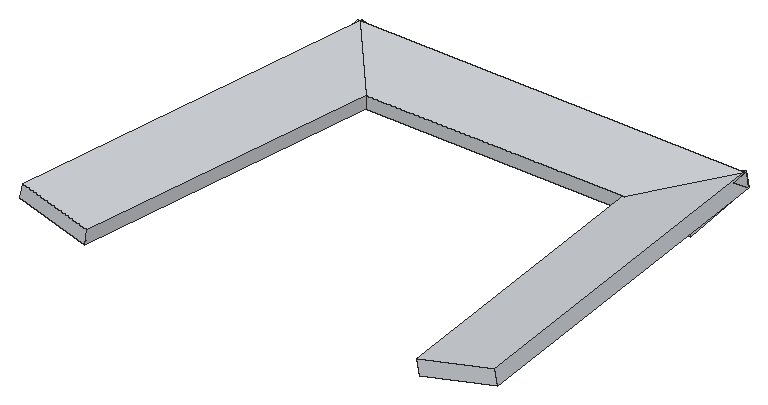
Revit family
Parameters (values of type "CostolaBase2")
  aa_largh [instance] = Spessore Tavola * cos(Angolo Torsione)  # 196.962 mm
  aa_alt [instance] = Spessore Tavola * sin(Angolo Torsione)  # 34.73 mm
  Spessore Tavola [instance] = 200 mm
  Profondità = 830 mm  # constant formula
  MARKER [instance] = 1  # constant formula
  Larghezza = 680 mm  # constant formula
  Distanza_posteriore [instance] = 10 mm
  Distanza_laterale [instance] = 20 mm
  Assembly Code = ""
  Angolo Torsione [instance] = 10.00°
  Angolo [instance] = atan(Ali / Profondità)  # 6.86999°
  Altezza [instance] = 200 mm * MARKER  # 200 mm
  Ali [instance] = 100 mm
Reference planes
  plane 1 "Centro (Fronte/Retro)": y = 0
  plane 2: z = 0
  plane 3 "Centro (Sinistra/Destra)": x = 0
  plane 4: x = 680
  plane 5: y = -830
  plane 6: through (-0.347, 7.119, 1200) normal (0.9928, -0.1196, 0)
  plane 7: x = 340
  plane 8: through (680.347, 7.119, 1200) normal (0.9928, 0.1196, 0)
  plane 9: x = -100
  plane 10: x = 780
  plane 11: through (-13.08, 68.633, 1200) normal (0.9928, -0.1196, 0)
  plane 12: y = 10
  plane 13: through (672.243, 241.583, 1200) normal (0.9928, 0.1196, 0)
  plane 14: y = 206.962
  plane 15: through (834.781, 539.121, 1200) normal (0.9928, 0.1196, 0)
  plane 16: through (-501.193, -2336.098, 1200) normal (-0.9928, 0.1196, 0)
  plane 17: z = 234.73
  plane 18: z = 200
Forms (mm)
  Extrusion 1, void
    sketch origin (0, 0, 0) x (1, 0, 0) y (0, 1, 0)
      loop
        line (-121.349, -830) -> (-316.897, -806.44) -> (-344.005, -1031.442) -> (-148.458, -1055.002) -> (-121.349, -830)
    from 200 to 234.73
  Extrusion 2, void
    sketch origin (0, 0, 0) x (1, 0, 0) y (0, 1, 0)
      loop
        line (801.349, -830) -> (832.8, -1091.036) -> (1028.347, -1067.476) -> (996.897, -806.44) -> (801.349, -830)
    from 200 to 234.73
  Extrusion 3, void
    sketch origin (-121.349, -830, 0) x (0.99282, -0.119617, 0) y (0, 0, -1)
      loop
        line (0, -200) -> (-196.962, -200) -> (-196.962, -234.73) -> (0, -200)
    from 0 to 1020.73
  Extrusion 4, void
    sketch origin (801.349, -830, 0) x (-0.99282, -0.119617, 0) y (0, 0, 1)
      loop
        line (0, 200) -> (-196.962, 234.73) -> (-196.962, 200) -> (0, 200)
    from 0 to 1020.73
  Extrusion 5, solid
    sketch origin (-316.897, -806.44, 234.73) x (0.977737, -0.1178, -0.173648) y (-0.119617, -0.99282, 0)
      loop
        line (0, -1020.73) -> (200, -1020.73) -> (200, 0) -> (0, 0) -> (0, -1020.73)
    from 0 to -40
  Extrusion 6, solid
    sketch origin (996.897, -806.44, 234.73) x (-0.977737, -0.1178, -0.173648) y (-0.119617, 0.99282, 0)
      loop
        line (0, 1020.73) -> (0, 0) -> (200, 0) -> (200, 1020.73) -> (0, 1020.73)
    from 0 to -40
  Extrusion 7, void
    sketch origin (0, 0, 0) x (0, 1, 0) y (0, 0, 1)
      loop
        line (10, 200) -> (206.962, 200) -> (206.962, 234.73) -> (10, 200)
    from -194.8 to 874.8
  Extrusion 8, solid
    sketch origin (0, 206.962, 234.73) x (0, -0.984808, -0.173648) y (-1, 0, 0)
      loop
        line (200, -874.8) -> (200, 194.8) -> (0, 194.8) -> (0, -874.8) -> (200, -874.8)
    from 0 to -40
Lines and regions (mm)
  reference lines
    curve 1: line (-121.349, -830, 0) -> (-439.052, -791.723, 0)
    curve 2: line (801.349, -830, 0) -> (1099.195, -794.115, 0)
    curve 3: line (-194.8, 206.962, 0) -> (83.189, 173.469, 0)
    curve 4: line (874.8, 206.962, 0) -> (596.811, 173.469, 0)
    curve 5: line (-194.8, 206.962, 0) -> (-20.145, 10, 0)
    curve 6: line (700.145, 10, 0) -> (874.8, 206.962, 0)
    curve 7: line (-194.8, 206.962, 0) -> (-194.8, 43.404, 0)
    curve 8: line (874.8, 206.962, 0) -> (874.8, 43.404, 0)
    curve 9: line (-97.426, -631.436, 200) -> (-591.709, -571.884, 200)
    curve 10: line (-92.641, -591.723, 200) -> (-562.104, -535.161, 200)
    curve 11: line (-327.902, -563.379, 200) -> (-344.339, -699.809, 200)
    curve 12: line (-132.354, -586.938, 200) -> (-147.306, -711.041, 200)
    curve 13: line (-23.176, -15.162, 200) -> (-557.172, 49.174, 200)
    curve 14: line (-27.961, -54.875, 200) -> (-547.065, 7.667, 200)
    curve 15: line (-62.889, -10.378, 200) -> (-107.131, -377.589, 200)
    curve 16: line (-258.436, 13.182, 200) -> (-300.885, -339.137, 200)
    curve 17: line (-117.993, -802.146, 200) -> (-313.541, -778.586, 200)
    curve 18: line (-372.444, 10, 200) -> (1052.444, 10, 200)
    curve 19: line (-451.428, 206.962, 200) -> (1131.428, 206.962, 200)
    curve 20: line (340, 10, 200) -> (340, 488.754, 200)
    curve 21: line (320, 10, 200) -> (320, 522.858, 200)
    curve 22: line (360, 10, 200) -> (360, 517.858, 200)
    curve 23: line (305, 246.962, 200) -> (395, 246.962, 200)
    curve 24: line (360, 50, 200) -> (271.554, 50, 200)
    curve 25: line (801.349, -830, 200) -> (989.095, -807.38, 200)
    curve 26: line (777.426, -631.436, 200) -> (1371.534, -559.857, 200)
    curve 27: line (703.176, -15.162, 200) -> (954.398, 15.105, 200)
    curve 28: line (772.641, -591.723, 200) -> (1417.527, -514.026, 200)
    curve 29: line (817.139, -626.651, 200) -> (793.216, -428.087, 200)
    curve 30: line (1012.686, -603.091, 200) -> (990.557, -419.42, 200)
    curve 31: line (707.961, -54.875, 200) -> (979.039, -22.215, 200)
    curve 32: line (737.102, 37.659, 200) -> (747.674, -50.091, 200)
    curve 33: line (943.221, -26.531, 200) -> (934.848, 42.967, 200)
  model lines
    curve 34: line (-137.139, -626.651, 200) -> (-132.354, -586.938, 200)
    curve 35: line (-132.354, -586.938, 200) -> (-327.902, -563.379, 200)
    curve 36: line (-327.902, -563.379, 200) -> (-332.686, -603.091, 200)
    curve 37: line (-332.686, -603.091, 200) -> (-137.139, -626.651, 200)
    curve 38: line (943.221, -26.531, 200) -> (747.674, -50.091, 200)
    curve 39: line (938.436, 13.182, 200) -> (742.889, -10.378, 200)
    curve 40: line (943.221, -26.531, 200) -> (938.436, 13.182, 200)
    curve 41: line (747.674, -50.091, 200) -> (742.889, -10.378, 200)
    curve 42: line (360, 246.962, 200) -> (320, 246.962, 200)
    curve 43: line (360, 50, 200) -> (360, 246.962, 200)
    curve 44: line (320, 50, 200) -> (360, 50, 200)
    curve 45: line (320, 246.962, 200) -> (320, 50, 200)
    curve 46: line (-263.221, -26.531, 200) -> (-67.674, -50.091, 200)
    curve 47: line (-67.674, -50.091, 200) -> (-62.889, -10.378, 200)
    curve 48: line (-62.889, -10.378, 200) -> (-258.436, 13.182, 200)
    curve 49: line (-258.436, 13.182, 200) -> (-263.221, -26.531, 200)
    curve 50: line (1007.902, -563.379, 200) -> (812.354, -586.938, 200)
    curve 51: line (812.354, -586.938, 200) -> (817.139, -626.651, 200)
    curve 52: line (817.139, -626.651, 200) -> (1012.686, -603.091, 200)
    curve 53: line (1012.686, -603.091, 200) -> (1007.902, -563.379, 200)
Dimensions and locks
  "Profondità": plane 5 to plane 1 "Centro (Fronte/Retro)"
  "Larghezza": plane 3 "Centro (Sinistra/Destra)" to plane 4
  equal spacing: plane 3 "Centro (Sinistra/Destra)", plane 7, plane 4
  "Ali": plane 9 to plane 3 "Centro (Sinistra/Destra)"
  "Ali": plane 4 to plane 10
  "Distanza_laterale": plane 6 to plane 11
  "Distanza_laterale": plane 13 to plane 8
  "Distanza_posteriore": plane 12 to plane 1 "Centro (Fronte/Retro)"
  "aa_largh": plane 16 to plane 11
  "aa_largh": plane 15 to plane 13
  "aa_largh": plane 14 to plane 12
  Extrusion 1 to curve 1 = 226.629 mm
  "aa_alt": plane 17 to plane 18
  "Altezza": plane 18 to level
  curve 10 to curve 9 = 40 mm
  curve 11 to Extrusion 3 = 40 mm
  curve 12 to Extrusion 5 = 40 mm
  curve 15 to Extrusion 3 = 40 mm
  curve 13 to curve 14 = 40 mm
  curve 16 to Extrusion 3 = 40 mm
  "aa_largh": curve 16 to curve 15
  "aa_largh": curve 11 to curve 12
  curve 12 to Extrusion 3 = 40 mm
  "aa_largh": curve 18 to curve 19
  curve 21 to curve 20 to curve 22 = 20 mm, 20 mm
  curve 21 to curve 22 = 40 mm
  curve 23 to Extrusion 7 = 40 mm
  curve 24 to curve 18 = 40 mm
  "aa_largh": curve 24 to curve 23
  "Spessore Tavola": curve 13 to curve 3
  curve 9 to curve 1 = 200 mm
  curve 2 to curve 26 = 200 mm
  "Spessore Tavola": curve 27 to curve 4
  curve 26 to curve 28 = 40 mm
  curve 30 to Extrusion 4 = 40 mm
  curve 29 to Extrusion 4 = 40 mm
  "aa_largh": curve 30 to curve 29
  curve 33 to Extrusion 4 = 40 mm
  Extrusion 4 to curve 32 = 40 mm
  curve 31 to curve 27 = 40 mm
  "aa_largh": curve 33 to curve 32
  "Angolo": angle plane 6 to plane 3 "Centro (Sinistra/Destra)"
  "Angolo": angle plane 4 to plane 8
  "Angolo": angle plane 11 to plane 3 "Centro (Sinistra/Destra)"
  "Angolo": angle plane 4 to plane 13
  "Angolo": angle plane 16 to plane 3 "Centro (Sinistra/Destra)"
  "Angolo": angle plane 4 to plane 15
  "Angolo": angle curve 1 to plane 5
  "Angolo": angle plane 5 to curve 2
  "Angolo": angle curve 3 to plane 14
  "Angolo": angle plane 14 to curve 4
  aligned and locked: plane 17 to Extrusion 1
  aligned and locked: plane 17 to Extrusion 2
  aligned and locked: Extrusion 3 to curve 3
  aligned and locked: Extrusion 4 to curve 4
  aligned and locked: Extrusion 1 to plane 18
  aligned and locked: Extrusion 2 to plane 18
  aligned and locked: Extrusion 7 to curve 7
  aligned and locked: Extrusion 7 to curve 8
  aligned and locked: curve 18 to Extrusion 7
  aligned and locked: curve 38 to curve 31
  aligned and locked: curve 40 to curve 33
  aligned and locked: curve 39 to curve 27
  aligned and locked: curve 41 to curve 32
  aligned and locked: Extrusion 4 to curve 2
  aligned and locked: curve 42 to curve 23
  aligned and locked: curve 22 to curve 43
  aligned and locked: curve 45 to curve 21
  aligned and locked: curve 44 to curve 24
  aligned and locked: curve 13 to curve 48
  aligned and locked: curve 47 to curve 15
  aligned and locked: curve 46 to curve 14
  aligned and locked: curve 49 to curve 16
  aligned and locked: curve 50 to curve 28
  aligned and locked: curve 26 to curve 52
  aligned and locked: curve 53 to curve 30
  aligned and locked: curve 51 to curve 29
Automatic sketch dimensions
  Extrusion 1 sketch curve to plane 16 = 0 mm
  Extrusion 1 sketch curve to plane 11 = 0 mm  (x2)
  Extrusion 1 sketch curve to plane 5 = 0 mm
  plane 5 to Extrusion 1 sketch curve = 201.442 mm
  Extrusion 2 sketch curve to plane 5 = 0 mm
  Extrusion 2 sketch curve to plane 13 = 0 mm  (x2)
  plane 5 to Extrusion 2 sketch curve = 237.476 mm
  Extrusion 2 sketch curve to plane 15 = 0 mm
  Extrusion 3 sketch curve to Extrusion 1 = 0 mm  (x4)
  Extrusion 4 sketch curve to Extrusion 2 = 0 mm  (x4)
  Extrusion 5 sketch curve to Extrusion 3 = 0 mm  (x4)
  Extrusion 6 sketch curve to Extrusion 4 = 0 mm  (x4)
  Extrusion 7 sketch curve to plane 12 = 0 mm
  Extrusion 7 sketch curve to plane 14 = 0 mm
  Extrusion 7 sketch curve to plane 18 = 0 mm
  Extrusion 7 sketch curve to plane 17 = 0 mm
  Extrusion 8 sketch curve to Extrusion 7 = 0 mm  (x4)
  curve 1 to plane 5 = 0 mm
  curve 1 to plane 11 = 0 mm
  curve 5 to plane 14 = 0 mm
  curve 5 to plane 16 = 0 mm
  curve 5 to plane 11 = 0 mm
  curve 5 to plane 12 = 0 mm
  curve 6 to plane 12 = 0 mm
  curve 6 to plane 13 = 0 mm
  curve 6 to plane 14 = 0 mm
  curve 6 to plane 15 = 0 mm
  curve 2 to plane 5 = 0 mm
  curve 2 to plane 13 = 0 mm
  curve 8 to plane 1 "Centro (Fronte/Retro)" = 43.404 mm
  curve 7 to plane 1 "Centro (Fronte/Retro)" = 43.404 mm
  curve 23 to curve 20 = 241.793 mm
  curve 20 to curve 22 = 29.104 mm
  curve 20 to curve 21 = 34.104 mm
  curve 19 to curve 18 = 78.984 mm
  curve 18 to curve 23 = 657.444 mm
  curve 23 to curve 24 = 35 mm
  curve 23 to curve 23 = 90 mm
  curve 21 to curve 24 = 48.446 mm
  curve 24 to curve 18 = 643.998 mm
  curve 18 to curve 19 = 78.984 mm
  curve 17 to curve 9 = 0 mm
  curve 10 to curve 9 = 0 mm
  curve 14 to curve 10 = 0 mm
  curve 13 to curve 14 = 0 mm
  curve 10 to curve 12 = 40 mm
  curve 13 to curve 15 = 40 mm
  curve 17 to curve 11 = 40 mm
  curve 11 to curve 10 = 235.896 mm
  curve 10 to curve 9 = 25 mm
  curve 16 to curve 14 = 285.896 mm
  curve 14 to curve 13 = 15 mm
  curve 16 to curve 11 = 225.863 mm
  curve 16 to curve 15 = 15 mm
  curve 9 to curve 12 = 85 mm
  curve 11 to curve 11 = 137.417 mm
  curve 11 to curve 17 = 74.527 mm
  Extrusion 3 to curve 34 = 40 mm
  curve 37 to Extrusion 3 = 40 mm
  Extrusion 3 to curve 34 = 240 mm
  curve 35 to curve 37 = 40 mm
  curve 26 to curve 28 = 0 mm
  curve 31 to curve 28 = 0 mm
  curve 27 to curve 31 = 0 mm
  curve 25 to curve 26 = 0 mm
  curve 27 to curve 32 = 40 mm
  curve 28 to curve 29 = 40 mm
  curve 25 to curve 25 = 189.104 mm
  curve 33 to curve 27 = 16.077 mm
  curve 33 to curve 31 = 36.077 mm
  curve 30 to curve 26 = 361.442 mm
  curve 26 to curve 28 = 51.145 mm
  curve 25 to curve 26 = 200 mm
  curve 30 to curve 30 = 185 mm
  curve 28 to curve 29 = 160 mm
  curve 27 to curve 33 = 30 mm
  curve 27 to curve 32 = 48.384 mm
